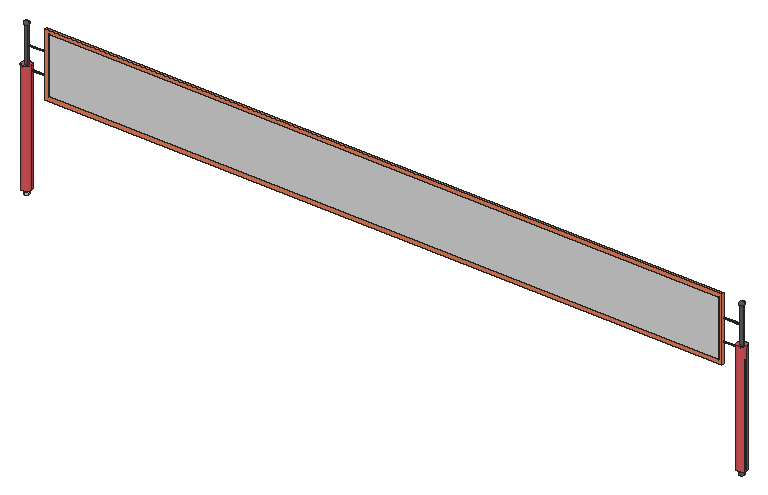
Revit family "Gymnasium-Eqpt_Volleyball_IPIbybison_Net-VB1000", category Specialty Equipment, Revit 2018
Family settings
  Round Connector Dimension = Use Diameter
  Part Type = Normal
  OmniClass Number = 23.40.50.34.24
  OmniClass Title = Nets
  Work Plane-Based = Yes
  Always vertical = Yes
  Cut with Voids When Loaded = No
  Shared = No
  Room Calculation Point = No
Parameters (values of type "VB1000")
  Warranty Duration (Years) = 0
  URL = "https://ipibybison.com/"
  Top of Net [instance] = 8' - 0"
  Standards Conformance = "NCAA  ;  USVBA  ;  NFHS  ;  FIVB"
  Specification = ""
  SpecWizard = ""
  Sales Information = "https://ipibybison.com/ArchitectsPage.php"
  Rim Color [instance] = Plastic - IPI by Bison - Orange OR
  Revision = "R0_2018-07"
  Product Properties = ""
  Product Data = "http://www.arcat.com/arcatcos/cos49/arc49571.html"
  Padding Height [instance] = 6' - 0"
  Padding Color [instance] = Plastic - IPI by Bison - Scarlet SC
  Net Color [instance] = Finish - IPI by Bison - White Netting
  Model = "VB1000"
  Manufacturer Website = "https://ipibybison.com/"
  Manufacturer Phone - Toll Free = "800-637-7968"
  Manufacturer Phone = ""
  Manufacturer Fax = "800-638-0698"
  Manufacturer Address = "603 L St  Lincoln, NE 68508"
  Manufacturer = "IPI by Bison"
  Maintenance Schedule (Months) = 0
  Keynote = ""
  Installation-Fabrication = ""
  Installation Phase = ""
  Include Post Padding [instance] = yes
  Green Building-LEED = ""
  Frame Finish [instance] = Finish - IPI by Bison - Black
  Foot Color [instance] = Finish - IPI by Bison - Black
  Expected Lifespan (Years) = 0
  Drawn By = "Sumex Design, Inc. / Robert S. Weygant, CSI, CDT, SCIP"
  Description = "IPI by Bison Volleyball Net - VB1000NS Centerline as Specified"
  Default Elevation = 0' - 0"
  Copyright = "©Arcat Inc. 2018"
  Construction Details = ""
  Center to Center Posts = 37' - 0"
  Assembly Code = "E1090"
Types (2): name | Description
  VB1000 | "IPI by Bison Volleyball Net - VB1000NS Centerline as Specified"
  VB1000NS | "IPI by Bison Volleyball Net - VB1000 Centerline as Specified"
Reference planes (in)
  plane 1 "Center (Front/Back)": y = 0
  plane 2 "Bottom": z = 0
  plane 3 "Center (Left/Right)": x = 0
  plane 4: through (0, 49.70196, 109.48259) normal (0, 0.0101, 0.9999)
  plane 5: through (0, 57.67625, 95.78495) normal (0, 0.0101, 0.9999)
  plane 6: through (0, 22.48153, 47.07738) normal (0, 0.74, 0.6726)
  plane 7: z = 96
  plane 8: x = -222
  plane 9: x = 222
  plane 10: z = 56.625
  plane 11: z = 82.875
  plane 12: z = 69.75
  plane 13: x = -210
  plane 14: x = 210
Forms (in)
  Extrusion 1, solid, material "Plastic - IPI by Bison - Scarlet SC" <- "Padding Color", visible <- "Include Post Padding"
    sketch origin (0, 0, 0) x (1, 0, 0) y (0, 1, 0)
      loop
        circle (-222, 0) r 3
      loop
        circle (222, 0) r 3
    from 3 to 72 <- "Padding Height"
  Revolve 2, solid
    sketch origin (0, 0, 0) x (1, 0, 0) y (0, 0, 1)
      loop
        line (-222, 0) -> (-220.5, 0) -> (-220.5, 1.25) -> (-221.25, 1.25) -> (-221.25, 2.25) -> (-222, 2.25) -> (-222, 0)
      axis (-222, 2.25) -> (-222, 0)
    angle from 0 to 360
  Revolve 3, solid, material "Finish - IPI by Bison - Black" <- "Foot Color"
    sketch origin (0, 0, 0) x (-1, 0, 0) y (0, 0, 1)
      loop
        line (-222, 0) -> (-220.5, 0) -> (-220.5, 1.25) -> (-221.25, 1.25) -> (-221.25, 2.25) -> (-222, 2.25) -> (-222, 0)
      axis (-222, 2.25) -> (-222, 0)
    angle from 0 to 360
  Extrusion 4, solid, material "Plastic - IPI by Bison - Orange OR" <- "Rim Color"
    sketch origin (0, 0, 0) x (1, 0, 0) y (0, 0, 1)
      loop
        line (-210, 96) -> (-210, 56.625) -> (210, 56.625) -> (210, 96) -> (-210, 96)
      loop
        line (-208, 94) -> (-208, 58.625) -> (208, 58.625) -> (208, 94) -> (-208, 94)
    from 0.5 to -0.5
  Extrusion 5, solid, material "Plastic - IPI by Bison - Orange OR" <- "Rim Color"
    sketch origin (0, 0, 0) x (1, 0, 0) y (0, 0, 1)
      loop
        line (-222, 83.125) -> (-222, 82.625) -> (-208.75, 82.625) -> (-208.75, 83.125) -> (-222, 83.125)
      loop
        line (-222, 70) -> (-222, 69.5) -> (-208.75, 69.5) -> (-208.75, 70) -> (-222, 70)
      loop
        line (222, 83.125) -> (208.75, 83.125) -> (208.75, 82.625) -> (222, 82.625) -> (222, 83.125)
      loop
        line (222, 70) -> (208.75, 70) -> (208.75, 69.5) -> (222, 69.5) -> (222, 70)
    from 0.25 to -0.25
  Extrusion 6, solid, material "Finish - IPI by Bison - White Netting" <- "Net Color"
    sketch origin (0, 0, 0) x (1, 0, 0) y (0, 0, 1)
      loop
        line (-208, 94) -> (-208, 58.625) -> (208, 58.625) -> (208, 94) -> (-208, 94)
    from 0.25 to -0.25
  Revolve 7, solid, material "Finish - IPI by Bison - Black" <- "Frame Finish"
    sketch origin (0, 0, 0) x (1, 0, 0) y (0, 0, 1)
      loop
        line (-222, 96) -> (-222, 2.25) -> (-220.5, 2.25) -> (-220.5, 70) -> (-221, 70) -> (-221, 94.5) -> (-220.5, 94.5)
        arc (-220.5, 94.5) -> (-220.93934, 95.56066) -> (-222, 96) r 1.5
      axis (-222, 2.25) -> (-222, 96)
    angle from 0 to 360
  Revolve 8, solid, material "Finish - IPI by Bison - Black" <- "Frame Finish"
    sketch origin (0, 0, 0) x (-1, 0, 0) y (0, 0, 1)
      loop
        line (-222, 96) -> (-222, 2.25) -> (-220.5, 2.25) -> (-220.5, 70) -> (-221, 70) -> (-221, 94.5) -> (-220.5, 94.5)
        arc (-220.5, 94.5) -> (-220.93934, 95.56066) -> (-222, 96) r 1.5
      axis (-222, 2.25) -> (-222, 96)
    angle from 0 to 360
Dimensions and locks (in)
  equal spacing: plane 8, plane 3 "Center (Left/Right)", plane 9
  "Center to Center Posts": plane 8 to plane 9
  locked: plane 1 "Center (Front/Back)" to Extrusion 1 sketch curve at 0
  locked: plane 8 to Extrusion 1 sketch curve at 0
  locked: plane 9 to Extrusion 1 sketch curve
  locked: Extrusion 1 sketch curve to plane 1 "Center (Front/Back)" at 0
  "Top of Net": plane 7 to level
  locked: plane 7 to plane 10 at 39.375
  equal spacing: plane 7, plane 11, plane 12, plane 10
  locked: plane 13 to plane 8 at 12
  locked: plane 9 to plane 14 at 12
  locked: plane 7 to Extrusion 4 sketch curve at 2
  locked: Extrusion 4 sketch curve to plane 10 at 2
  locked: Extrusion 4 sketch curve to plane 14 at 2
  locked: Extrusion 4 sketch curve to plane 13 at 2
  locked: Extrusion 5 sketch curve to plane 13 at 1.25  (x2)
  locked: Extrusion 5 sketch curve to plane 14 at 1.25  (x2)
  locked: Extrusion 6 sketch curve to plane 14 at 2
  locked: Extrusion 6 sketch curve to plane 13 at 2
  locked: plane 7 to Extrusion 6 sketch curve at 2
  locked: Extrusion 6 sketch curve to plane 10 at 2
  locked: Revolve 7 sketch curve to level at 70
  locked: Revolve 8 sketch curve to level at 70
  aligned and locked: Revolve 2 sketch curve to plane 8
  aligned and locked: Revolve 3 sketch curve to plane 9
  aligned and locked: Extrusion 4 sketch curve to plane 7
  aligned and locked: Extrusion 4 sketch curve to plane 10
  aligned and locked: plane 14 to Extrusion 4 sketch curve
  aligned and locked: plane 13 to Extrusion 4 sketch curve
  aligned and locked: plane 8 to Extrusion 5 sketch curve  (x2)
  aligned and locked: plane 9 to Extrusion 5 sketch curve  (x2)
Automatic sketch dimensions
  Revolve 2 sketch curve to level = 0' - 0"
  Revolve 2 sketch curve to plane 8 = 0' - 0"
  plane 8 to Revolve 2 sketch curve = 0' - 0 3/4"
  Revolve 2 sketch curve to Revolve 2 sketch curve = 0' - 0 3/4"
  Revolve 2 sketch curve to Revolve 2 sketch curve = 0' - 1 1/4"
  Revolve 2 sketch curve to Revolve 2 sketch curve = 0' - 1"
  Revolve 2 sketch curve to level = 0' - 3.01959"
  Revolve 2 sketch curve to Revolve 2 sketch curve = 1' - 0.48041"
  Revolve 3 sketch curve to level = 0' - 0"
  Revolve 3 sketch curve to plane 9 = 0' - 0"
  plane 9 to Revolve 3 sketch curve = 0' - 0 3/4"
  Revolve 3 sketch curve to Revolve 3 sketch curve = 0' - 0 3/4"
  Revolve 3 sketch curve to level = 0' - 1 1/4"
  Revolve 3 sketch curve to Revolve 3 sketch curve = 0' - 1"
  Revolve 3 sketch curve to Revolve 3 sketch curve = 0' - 3.01959"
  Revolve 3 sketch curve to Revolve 3 sketch curve = 1' - 0.48041"
  Extrusion 5 sketch curve to plane 12 = 0' - 0 1/4"  (x2)
  plane 12 to Extrusion 5 sketch curve = 0' - 0 1/4"  (x2)
  Extrusion 5 sketch curve to plane 11 = 0' - 0 1/4"  (x2)
  plane 11 to Extrusion 5 sketch curve = 0' - 0 1/4"  (x2)
  Revolve 7 sketch curve to plane 8 = 0' - 0"  (x2)
  Revolve 7 sketch curve to plane 7 = 0' - 0"
  plane 8 to Revolve 7 sketch curve = 0' - 1"
  Revolve 7 sketch curve to Revolve 7 sketch curve = 0' - 0 1/2"  (x2)
  level to Revolve 7 sketch curve = 0' - 2 1/4"
  Revolve 7 sketch curve to level = 0' - 2 3/8"
  Revolve 7 sketch curve to Revolve 7 sketch curve = 0' - 4 7/8"
  Revolve 8 sketch curve to plane 9 = 0' - 0"  (x2)
  Revolve 8 sketch curve to plane 7 = 0' - 0"
  plane 9 to Revolve 8 sketch curve = 0' - 1"
  Revolve 8 sketch curve to Revolve 8 sketch curve = 0' - 0 1/2"  (x2)
  Revolve 8 sketch curve to level = 0' - 2 1/4"
  level to Revolve 8 sketch curve = 0' - 2 3/8"
  Revolve 8 sketch curve to Revolve 8 sketch curve = 0' - 4 7/8"
  radius of Extrusion 1 sketch curve = 0' - 3"  (x2)
